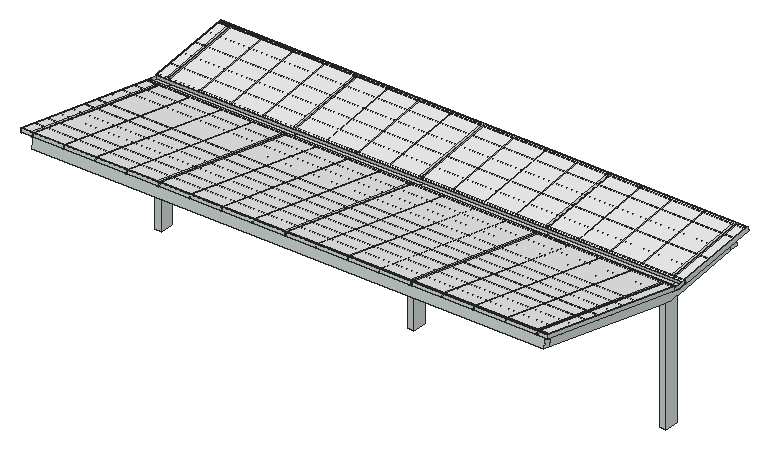
Revit family "Structuress Unlimited Unequal Double Wing Canopy", category Generic Models, Revit 2018 (continued)
Definition of nested family "Unequal Double Wing Canopy Columns"
  Reference planes (in)
    plane 19: y = 780
    plane 20: y = 900
    plane 21: y = 1140
    plane 22: y = 1020
    plane 23: y = 1260
    plane 24: y = 1380
    plane 25: y = 1500
    plane 26: y = 1620
    plane 27: y = 1740
    plane 28: y = 1860
    plane 29: y = 1980
    plane 30: y = 2100
    plane 31: y = 2220
    plane 32: y = 2340
    plane 33: y = 2460
    plane 34: y = 2580
    plane 35: y = 2700
    plane 36: y = 2820
    plane 37: y = 2940
    plane 38: y = 3060
    plane 39: y = 3180
    plane 40: y = 3300
    plane 41: x = -2000
    plane 42: x = 2000
    plane 43: y = 3420
    plane 44: y = 3540
    plane 45: y = 3660
    plane 46: y = 3780
    plane 47: y = 3900
    plane 48: y = 4020
    plane 49: y = 4140
    plane 50: y = 4260
    plane 51: y = 4380
    plane 52: y = 4500
    plane 53: y = 4620
    plane 54: y = 4740
    plane 55: y = 5100
    plane 56: y = 4980
    plane 57: y = 4860
    plane 58: y = 5220
    plane 59: y = 5460
    plane 60: y = 5340
    plane 61: y = 5580
    plane 62: y = 5700
    plane 63: y = 5820
  Forms (in)
    Extrusion 1, solid, material <- "CRF"
      sketch origin (0, 0, 0) x (1, 0, 0) y (0, 0, 1)
        loop
          line (-5, 0) -> (5, 0) -> (5, 15.338) -> (0, 12.56646) -> (-5, 15.338) -> (-5, 0)
      from -2402.5 to 2.5
    Sweep 2, void
      path origin (0, 0, 0) x (1, 0, 0) y (0, 1, 0)
        loop
          line (-2000, 5820) -> (2000, 5820) -> (2000, 5700) -> (-2000, 5700) -> (-2000, 5580) -> (2000, 5580) -> (2000, 5460) -> (-2000, 5460) -> (-2000, 5340) -> (2000, 5340) -> (2000, 5220) -> (-2000, 5220) -> (-2000, 5100) -> (2000, 5100) -> (2000, 4980) -> (-2000, 4980) -> (-2000, 4860) -> (2000, 4860) -> (2000, 4740) -> (-2000, 4740) -> (-2000, 4620) -> (2000, 4620) -> (2000, 4500) -> (-2000, 4500) -> (-2000, 4380) -> (2000, 4380) -> (2000, 4260) -> (-2000, 4260) -> (-2000, 4140) -> (2000, 4140) -> (2000, 4020) -> (-2000, 4020) -> (-2000, 3900) -> (2000, 3900) -> (2000, 3780) -> (-2000, 3780) -> (-2000, 3660) -> (2000, 3660) -> (2000, 3540) -> (-2000, 3540) -> (-2000, 3420) -> (2000, 3420) -> (2000, 3300) -> (-2000, 3300) -> (-2000, 3180) -> (2000, 3180) -> (2000, 3060) -> (-2000, 3060) -> (-2000, 2940) -> (2000, 2940) -> (2000, 2820) -> (-2000, 2820) -> (-2000, 2700) -> (2000, 2700) -> (2000, 2580) -> (-2000, 2580) -> (-2000, 2460) -> (2000, 2460) -> (2000, 2340) -> (-2000, 2340) -> (-2000, 2220) -> (2000, 2220) -> (2000, 2100) -> (-2000, 2100) -> (-2000, 1980) -> (2000, 1980) -> (2000, 1860) -> (-2000, 1860) -> (-2000, 1740) -> (2000, 1740) -> (2000, 1620) -> (-2000, 1620) -> (-2000, 1500) -> (2000, 1500) -> (2000, 1380) -> (-2000, 1380) -> (-2000, 1260) -> (2000, 1260) -> (2000, 1140) -> (-2000, 1140) -> (-2000, 1020) -> (2000, 1020) -> (2000, 900) -> (-2000, 900) -> (-2000, 780) -> (2000, 780) -> (2000, 660) -> (-2000, 660) -> (-2000, 540) -> (2000, 540) -> (2000, 420) -> (-2000, 420) -> (-2000, 300) -> (2000, 300) -> (2000, 180) -> (-2000, 180) -> (-2000, 60) -> (2000, 60)
      profile origin (0, 60, 0) x (0, 1, 0) y (0, 0, 1)
        loop
          line (-57.5, 0) -> (57.5, 0) -> (57.5, 1000) -> (-57.5, 1000) -> (-57.5, 0)
  Cuts and joins
    Sweep 2 cuts Extrusion 1
  Lines and regions (in)
    reference lines
      curve 1: line (0, 0, 24) -> (-225.65188, 0, 149.08088)
      curve 2: line (0, 0, 24) -> (278.12907, 0, 178.16946)
      curve 3: line (164.17827, 0, -78.43904) -> (-103.45536, 0, 69.9127)
      curve 4: line (7.8676, 0, 16.92754) -> (301.73983, 0, 179.82358)
      curve 5: line (-125, 0, 93.28863) -> (-236.26616, 0, -107.44084)
      curve 6: line (125, 0, 93.28863) -> (243.28797, 0, -120.10851)
      curve 7: line (-32.11599, 0, 250.5425) -> (-227.00946, 0, -101.05462)
      curve 8: line (33.33911, 0, 248.33593) -> (239.868, 0, -124.25206)
  Dimensions and locks (in)
    "Half Beam Width": plane 6 to plane 5
    "Half Beam Width": plane 4 to plane 1 "Center (Front/Back)"
    "CTR 2 CTR Of Beams": plane 1 "Center (Front/Back)" to plane 5
    equal spacing: plane 7, plane 3 "Center (Left/Right)", plane 8
    "Beam Height": plane 7 to plane 8
    "Column Height": plane 9 to plane 2
    locked: plane 10 to plane 2 at 1000
    locked: curve 1 to plane 9 at 0
    locked: plane 3 "Center (Left/Right)" to curve 1 at 0
    "Beam Height": curve 4 to curve 2
    "Beam Height": curve 1 to curve 3
    equal spacing: plane 11, plane 3 "Center (Left/Right)", plane 12
    "Width Of Canopy": plane 11 to plane 12
    "Beam Width": curve 5 to curve 7
    "Beam Width": curve 8 to curve 6
    equal spacing: plane 41, plane 3 "Center (Left/Right)", plane 42
    locked: plane 41 to plane 3 "Center (Left/Right)" at 2000
    "Void Offset": plane 1 "Center (Front/Back)" to plane 13
    "Column Spacing": plane 18 to plane 17 to plane 16 to plane 15 to plane 14 to plane 13
    "Column Spacing": plane 40 to plane 39 to plane 38 to plane 37 to plane 36 to plane 35 to plane 34 to plane 33 to plane 32 to plane 31 to plane 30 to plane 29 to plane 28 to plane 27 to plane 26 to plane 25 to plane 24 to plane 23 to plane 21 to plane 22 to plane 20 to plane 19 to plane 18
    "Column Spacing": plane 40 to plane 43 to plane 44 to plane 45 to plane 46 to plane 47 to plane 48 to plane 49
    "Column Spacing": plane 54 to plane 53 to plane 52 to plane 51 to plane 50 to plane 49
    "Column Spacing": plane 56 to plane 57 to plane 54
    "Column Spacing": plane 56 to plane 55 to plane 58 to plane 60 to plane 59 to plane 61 to plane 62 to plane 63
    equal spacing: Sweep 2 sketch curve, profile plane, Sweep 2 sketch curve
    "Void Width": Sweep 2 sketch curve to Sweep 2 sketch curve
    "Roof Pitch": angle plane 2 to curve 2
    "Roof Pitch": angle curve 1 to plane 2
    "Roof Pitch": angle plane 2 to curve 4
    "Roof Pitch": angle curve 3 to plane 2
    "Roof Pitch": angle plane 3 "Center (Left/Right)" to curve 6
    "Roof Pitch": angle curve 5 to plane 3 "Center (Left/Right)"
    "Roof Pitch": angle curve 7 to plane 3 "Center (Left/Right)"
    "Roof Pitch": angle plane 3 "Center (Left/Right)" to curve 8
    aligned and locked: plane 2 to level
    aligned and locked: Extrusion 1 sketch curve to plane 2
    aligned and locked: Extrusion 1 sketch curve to plane 7
    aligned and locked: Extrusion 1 sketch curve to plane 8
    aligned and locked: Extrusion 1 sketch curve to curve 4
    aligned and locked: curve 3 to Extrusion 1 sketch curve
    aligned and locked: Extrusion 1 to plane 4
    aligned and locked: plane 6 to Extrusion 1
    aligned and locked: Sweep 2 sketch curve to plane 13
    aligned and locked: Sweep 2 sketch curve to plane 14
    aligned and locked: Sweep 2 sketch curve to plane 15
    aligned and locked: Sweep 2 sketch curve to plane 16
    aligned and locked: Sweep 2 sketch curve to plane 17
    aligned and locked: Sweep 2 sketch curve to plane 18
    aligned and locked: Sweep 2 sketch curve to plane 19
    aligned and locked: Sweep 2 sketch curve to plane 20
    aligned and locked: Sweep 2 sketch curve to plane 22
    aligned and locked: Sweep 2 sketch curve to plane 21
    aligned and locked: Sweep 2 sketch curve to plane 23
    aligned and locked: Sweep 2 sketch curve to plane 24
    aligned and locked: Sweep 2 sketch curve to plane 25
    aligned and locked: Sweep 2 sketch curve to plane 26
    aligned and locked: Sweep 2 sketch curve to plane 27
    aligned and locked: Sweep 2 sketch curve to plane 28
    aligned and locked: Sweep 2 sketch curve to plane 29
    aligned and locked: Sweep 2 sketch curve to plane 30
    aligned and locked: Sweep 2 sketch curve to plane 31
    aligned and locked: Sweep 2 sketch curve to plane 32
    aligned and locked: Sweep 2 sketch curve to plane 33
    aligned and locked: Sweep 2 sketch curve to plane 34
    aligned and locked: Sweep 2 sketch curve to plane 35
    aligned and locked: Sweep 2 sketch curve to plane 36
    aligned and locked: Sweep 2 sketch curve to plane 37
    aligned and locked: Sweep 2 sketch curve to plane 38
    aligned and locked: Sweep 2 sketch curve to plane 39
    aligned and locked: Sweep 2 sketch curve to plane 40
    aligned and locked: Sweep 2 sketch curve to plane 43
    aligned and locked: Sweep 2 sketch curve to plane 44
    aligned and locked: Sweep 2 sketch curve to plane 45
    aligned and locked: Sweep 2 sketch curve to plane 46
    aligned and locked: Sweep 2 sketch curve to plane 47
    aligned and locked: Sweep 2 sketch curve to plane 48
    aligned and locked: Sweep 2 sketch curve to plane 49
    aligned and locked: Sweep 2 sketch curve to plane 50
    aligned and locked: Sweep 2 sketch curve to plane 51
    aligned and locked: Sweep 2 sketch curve to plane 52
    aligned and locked: Sweep 2 sketch curve to plane 53
    aligned and locked: Sweep 2 sketch curve to plane 54
    aligned and locked: Sweep 2 sketch curve to plane 57
    aligned and locked: Sweep 2 sketch curve to plane 56
    aligned and locked: Sweep 2 sketch curve to plane 55
    aligned and locked: Sweep 2 sketch curve to plane 58
    aligned and locked: Sweep 2 sketch curve to plane 60
    aligned and locked: Sweep 2 sketch curve to plane 59
    aligned and locked: Sweep 2 sketch curve to plane 61
    aligned and locked: Sweep 2 sketch curve to plane 62
    aligned and locked: Sweep 2 sketch curve to plane 63
    aligned and locked: plane 41 to Sweep 2 sketch curve  (x25)
    aligned and locked: plane 42 to Sweep 2 sketch curve
    aligned and locked: Sweep 2 sketch curve to plane 42  (x24)
    aligned and locked: Sweep 2 sketch curve to profile plane
    aligned and locked: Sweep 2 sketch curve to plane 10
  Automatic sketch dimensions
    plane 11 to curve 5 = 0' - 0"
    curve 6 to plane 12 = 0' - 0"
    curve 3 to plane 11 = 1' - 9.54464"
    curve 4 to plane 8 = 0' - 2.8676"
    curve 8 to plane 8 = 2' - 4.33911"
    curve 8 to curve 7 = 0' - 2.20656"
Definition of nested family "Unequal Double Wing Canopy Rafters"
  Parameters (values of type "Unequal Double Wing Canopy Rafters")
    Void Width [instance] = Column Spacing - Beam Width  # 9' - 7"
    Void Offset [instance] = Column Spacing / 2  # 5' - 0"
    Roof Pitch [instance] = 29.00°
    Half Beam Width [instance] = Beam Width / 2  # 0' - 2 1/2"
    Column Spacing [instance] = 10' - 0"
    Column Height [instance] = 2' - 0"
    CTR 2 CTR Of Beams [instance] = 200' - 0"
    CRF [instance] = none
    CL To Right Eave [instance] = 10' - 0"
    CL To Left Eave [instance] = 5' - 0"
    Beam Width [instance] = 0' - 5"
    Beam Height [instance] = 0' - 10"
  Reference planes (in)
    plane 1 "Center (Front/Back)": y = 0
    plane 2: z = 0
    plane 3 "Center (Left/Right)": x = 0
    plane 4: y = -2.5
    plane 5: y = 2400
    plane 6: y = 2402.5
    plane 7: x = -5
    plane 8: x = 5
    plane 9: z = 24
    plane 10: z = 1000
    plane 11: x = -60
    plane 12: x = 120
    plane 13: y = 60
    plane 14: y = 180
    plane 15: y = 300
    plane 16: y = 420
    plane 17: y = 540
    plane 18: y = 660
    plane 19: y = 780
    plane 20: y = 900
    plane 21: y = 1140
    plane 22: y = 1020
    plane 23: y = 1260
    plane 24: y = 1380
    plane 25: y = 1500
    plane 26: y = 1620
    plane 27: y = 1740
    plane 28: y = 1860
    plane 29: y = 1980
    plane 30: y = 2100
    plane 31: y = 2220
    plane 32: y = 2340
    plane 33: y = 2460
    plane 34: y = 2580
    plane 35: y = 2700
    plane 36: y = 2820
    plane 37: y = 2940
    plane 38: y = 3060
    plane 39: y = 3180
    plane 40: y = 3300
    plane 41: x = -2000
    plane 42: x = 2000
    plane 43: y = 3420
    plane 44: y = 3540
    plane 45: y = 3660
    plane 46: y = 3780
    plane 47: y = 3900
    plane 48: y = 4020
    plane 49: y = 4140
    plane 50: y = 4260
    plane 51: y = 4380
    plane 52: y = 4500
    plane 53: y = 4620
    plane 54: y = 4740
    plane 55: y = 5100
    plane 56: y = 4980
    plane 57: y = 4860
    plane 58: y = 5220
    plane 59: y = 5460
    plane 60: y = 5340
    plane 61: y = 5580
    plane 62: y = 5700
    plane 63: y = 5820
  Forms (in)
    Sweep 1, void
      path origin (0, 0, 0) x (1, 0, 0) y (0, 1, 0)
        loop
          line (-2000, 5820) -> (2000, 5820) -> (2000, 5700) -> (-2000, 5700) -> (-2000, 5580) -> (2000, 5580) -> (2000, 5460) -> (-2000, 5460) -> (-2000, 5340) -> (2000, 5340) -> (2000, 5220) -> (-2000, 5220) -> (-2000, 5100) -> (2000, 5100) -> (2000, 4980) -> (-2000, 4980) -> (-2000, 4860) -> (2000, 4860) -> (2000, 4740) -> (-2000, 4740) -> (-2000, 4620) -> (2000, 4620) -> (2000, 4500) -> (-2000, 4500) -> (-2000, 4380) -> (2000, 4380) -> (2000, 4260) -> (-2000, 4260) -> (-2000, 4140) -> (2000, 4140) -> (2000, 4020) -> (-2000, 4020) -> (-2000, 3900) -> (2000, 3900) -> (2000, 3780) -> (-2000, 3780) -> (-2000, 3660) -> (2000, 3660) -> (2000, 3540) -> (-2000, 3540) -> (-2000, 3420) -> (2000, 3420) -> (2000, 3300) -> (-2000, 3300) -> (-2000, 3180) -> (2000, 3180) -> (2000, 3060) -> (-2000, 3060) -> (-2000, 2940) -> (2000, 2940) -> (2000, 2820) -> (-2000, 2820) -> (-2000, 2700) -> (2000, 2700) -> (2000, 2580) -> (-2000, 2580) -> (-2000, 2460) -> (2000, 2460) -> (2000, 2340) -> (-2000, 2340) -> (-2000, 2220) -> (2000, 2220) -> (2000, 2100) -> (-2000, 2100) -> (-2000, 1980) -> (2000, 1980) -> (2000, 1860) -> (-2000, 1860) -> (-2000, 1740) -> (2000, 1740) -> (2000, 1620) -> (-2000, 1620) -> (-2000, 1500) -> (2000, 1500) -> (2000, 1380) -> (-2000, 1380) -> (-2000, 1260) -> (2000, 1260) -> (2000, 1140) -> (-2000, 1140) -> (-2000, 1020) -> (2000, 1020) -> (2000, 900) -> (-2000, 900) -> (-2000, 780) -> (2000, 780) -> (2000, 660) -> (-2000, 660) -> (-2000, 540) -> (2000, 540) -> (2000, 420) -> (-2000, 420) -> (-2000, 300) -> (2000, 300) -> (2000, 180) -> (-2000, 180) -> (-2000, 60) -> (2000, 60)
      profile origin (0, 60, 0) x (0, 1, 0) y (0, 0, 1)
        loop
          line (-57.5, 0) -> (57.5, 0) -> (57.5, 1000) -> (-57.5, 1000) -> (-57.5, 0)
    Extrusion 2, solid, material <- "CRF"
      sketch origin (0, 0, 0) x (1, 0, 0) y (0, 0, 1)
        loop
          line (0, 24) -> (-55.6269, 54.83449) -> (-60.475, 46.0883) -> (0, 12.56646) -> (120.475, 79.34684) -> (115.6269, 88.09304) -> (0, 24)
      from -2402.5 to 2.5
  Cuts and joins
    Sweep 1 cuts Extrusion 2
  Lines and regions (in)
    reference lines
      curve 1: line (0, 0, 24) -> (-225.65188, 0, 149.08088)
      curve 2: line (0, 0, 24) -> (278.12907, 0, 178.16946)
      curve 3: line (229.17827, 0, -114.46913) -> (-38.45536, 0, 33.88261)
      curve 4: line (7.8676, 0, 16.92754) -> (301.73983, 0, 179.82358)
      curve 5: line (-60, 0, 57.25854) -> (-171.26616, 0, -143.47093)
      curve 6: line (120, 0, 90.51709) -> (238.28797, 0, -122.88006)
      curve 7: line (46.31952, 0, 238.75071) -> (-148.57394, 0, -112.84641)
      curve 8: line (33.33911, 0, 236.54415) -> (239.868, 0, -136.04385)
  Dimensions and locks (in)
    "Half Beam Width": plane 6 to plane 5
    "Half Beam Width": plane 4 to plane 1 "Center (Front/Back)"
    "CTR 2 CTR Of Beams": plane 1 "Center (Front/Back)" to plane 5
    equal spacing: plane 7, plane 3 "Center (Left/Right)", plane 8
    "Beam Height": plane 7 to plane 8
    "Column Height": plane 9 to plane 2
    locked: plane 10 to plane 2 at 1000
    locked: curve 1 to plane 9 at 0
    locked: plane 3 "Center (Left/Right)" to curve 1 at 0
    "Beam Height": curve 4 to curve 2
    "Beam Height": curve 1 to curve 3
    "Beam Width": curve 5 to curve 7
    "Beam Width": curve 8 to curve 6
    equal spacing: plane 41, plane 3 "Center (Left/Right)", plane 42
    locked: plane 41 to plane 3 "Center (Left/Right)" at 2000
    "Void Offset": plane 1 "Center (Front/Back)" to plane 13
    "Column Spacing": plane 18 to plane 17 to plane 16 to plane 15 to plane 14 to plane 13
    "Column Spacing": plane 40 to plane 39 to plane 38 to plane 37 to plane 36 to plane 35 to plane 34 to plane 33 to plane 32 to plane 31 to plane 30 to plane 29 to plane 28 to plane 27 to plane 26 to plane 25 to plane 24 to plane 23 to plane 21 to plane 22 to plane 20 to plane 19 to plane 18
    "Column Spacing": plane 40 to plane 43 to plane 44 to plane 45 to plane 46 to plane 47 to plane 48 to plane 49
    "Column Spacing": plane 54 to plane 53 to plane 52 to plane 51 to plane 50 to plane 49
    "Column Spacing": plane 56 to plane 57 to plane 54
    "Column Spacing": plane 56 to plane 55 to plane 58 to plane 60 to plane 59 to plane 61 to plane 62 to plane 63
    equal spacing: Sweep 1 sketch curve, profile plane, Sweep 1 sketch curve
    "Void Width": Sweep 1 sketch curve to Sweep 1 sketch curve
    "CL To Left Eave": plane 11 to plane 3 "Center (Left/Right)"
    "CL To Right Eave": plane 3 "Center (Left/Right)" to plane 12
    "Roof Pitch": angle plane 2 to curve 2
    "Roof Pitch": angle curve 1 to plane 2
    "Roof Pitch": angle plane 2 to curve 4
    "Roof Pitch": angle curve 3 to plane 2
    "Roof Pitch": angle plane 3 "Center (Left/Right)" to curve 6
    "Roof Pitch": angle curve 5 to plane 3 "Center (Left/Right)"
    "Roof Pitch": angle curve 7 to plane 3 "Center (Left/Right)"
    "Roof Pitch": angle plane 3 "Center (Left/Right)" to curve 8
    aligned and locked: plane 2 to level
    aligned and locked: Sweep 1 sketch curve to plane 13
    aligned and locked: Sweep 1 sketch curve to plane 14
    aligned and locked: Sweep 1 sketch curve to plane 15
    aligned and locked: Sweep 1 sketch curve to plane 16
    aligned and locked: Sweep 1 sketch curve to plane 17
    aligned and locked: Sweep 1 sketch curve to plane 18
    aligned and locked: Sweep 1 sketch curve to plane 19
    aligned and locked: Sweep 1 sketch curve to plane 20
    aligned and locked: Sweep 1 sketch curve to plane 22
    aligned and locked: Sweep 1 sketch curve to plane 21
    aligned and locked: Sweep 1 sketch curve to plane 23
    aligned and locked: Sweep 1 sketch curve to plane 24
    aligned and locked: Sweep 1 sketch curve to plane 25
    aligned and locked: Sweep 1 sketch curve to plane 26
    aligned and locked: Sweep 1 sketch curve to plane 27
    aligned and locked: Sweep 1 sketch curve to plane 28
    aligned and locked: Sweep 1 sketch curve to plane 29
    aligned and locked: Sweep 1 sketch curve to plane 30
    aligned and locked: Sweep 1 sketch curve to plane 31
    aligned and locked: Sweep 1 sketch curve to plane 32
    aligned and locked: Sweep 1 sketch curve to plane 33
    aligned and locked: Sweep 1 sketch curve to plane 34
    aligned and locked: Sweep 1 sketch curve to plane 35
    aligned and locked: Sweep 1 sketch curve to plane 36
    aligned and locked: Sweep 1 sketch curve to plane 37
    aligned and locked: Sweep 1 sketch curve to plane 38
    aligned and locked: Sweep 1 sketch curve to plane 39
    aligned and locked: Sweep 1 sketch curve to plane 40
    aligned and locked: Sweep 1 sketch curve to plane 43
    aligned and locked: Sweep 1 sketch curve to plane 44
    aligned and locked: Sweep 1 sketch curve to plane 45
    aligned and locked: Sweep 1 sketch curve to plane 46
    aligned and locked: Sweep 1 sketch curve to plane 47
    aligned and locked: Sweep 1 sketch curve to plane 48
    aligned and locked: Sweep 1 sketch curve to plane 49
    aligned and locked: Sweep 1 sketch curve to plane 50
    aligned and locked: Sweep 1 sketch curve to plane 51
    aligned and locked: Sweep 1 sketch curve to plane 52
    aligned and locked: Sweep 1 sketch curve to plane 53
    aligned and locked: Sweep 1 sketch curve to plane 54
    aligned and locked: Sweep 1 sketch curve to plane 57
    aligned and locked: Sweep 1 sketch curve to plane 56
    aligned and locked: Sweep 1 sketch curve to plane 55
    aligned and locked: Sweep 1 sketch curve to plane 58
    aligned and locked: Sweep 1 sketch curve to plane 60
    aligned and locked: Sweep 1 sketch curve to plane 59
    aligned and locked: Sweep 1 sketch curve to plane 61
    aligned and locked: Sweep 1 sketch curve to plane 62
    aligned and locked: Sweep 1 sketch curve to plane 63
    aligned and locked: plane 41 to Sweep 1 sketch curve  (x25)
    aligned and locked: plane 42 to Sweep 1 sketch curve
    aligned and locked: Sweep 1 sketch curve to plane 42  (x24)
    aligned and locked: Sweep 1 sketch curve to profile plane
    aligned and locked: Sweep 1 sketch curve to plane 10
    aligned and locked: Extrusion 2 sketch curve to curve 1
    aligned and locked: curve 3 to Extrusion 2 sketch curve
    aligned and locked: Extrusion 2 sketch curve to curve 4
    aligned and locked: Extrusion 2 sketch curve to curve 2
    aligned and locked: curve 8 to Extrusion 2 sketch curve
    aligned and locked: curve 7 to Extrusion 2 sketch curve
    aligned and locked: Extrusion 2 to plane 4
    aligned and locked: Extrusion 2 to plane 6
  Automatic sketch dimensions
    plane 11 to curve 5 = 0' - 0"
    curve 6 to plane 12 = 0' - 0"
    curve 3 to plane 11 = 1' - 9.54464"
    curve 4 to plane 8 = 0' - 2.8676"
    curve 8 to plane 8 = 2' - 4.33911"
    curve 8 to curve 7 = 0' - 2.20656"
Types (14): name | KCRF
  (no name) | KCRF Aluminum #79
  KCRF Aluminum #79 | KCRF Aluminum #79
  KCRF Banner Red #90 | KCRF Banner Red #90
  KCRF Black #95 | KCRF Black #95
  KCRF Blue #15 | KCRF Blue #15
  KCRF Bone White #21B | KCRF Bone White #21B
  KCRF Brick #88 | KCRF Brick #88
  KCRF Bronze #85 | KCRF Bronze #85
  KCRF Coro Blue #48 | KCRF Coro Blue #48
  KCRF Gray #80 | KCRF Gray #80
  KCRF Hartford Green #75 | KCRF Hartford Green #75
  KCRF Minuette #03 | KCRF Minuette #03
  KCRF Mountain Green #70 | KCRF Mountain Green #70
  KCRF White #00 | KCRF White #00
